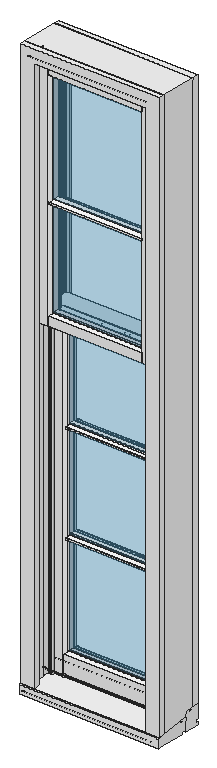
Revit family "S1-23H", category Generic Models, Revit 2012 (continued)
Automatic sketch dimensions
  plane 4 to Extrusion 27 sketch curve = 15 mm
  Extrusion 28 sketch curve to plane 4 = 0 mm
  Extrusion 28 sketch curve to level = 0 mm
  plane 4 to Extrusion 28 sketch curve = 15 mm
  Extrusion 28 sketch curve to plane 1 "Center (Front/Back)" = 33 mm
  Extrusion 28 sketch curve to Extrusion 28 sketch curve = 0 mm
  Extrusion 28 sketch curve to Extrusion 28 sketch curve = 5 mm
  Extrusion 28 sketch curve to Extrusion 28 sketch curve = 13.619 mm
  Extrusion 28 sketch curve to Extrusion 28 sketch curve = 3.494 mm
  Extrusion 28 sketch curve to Extrusion 28 sketch curve = 0.701 mm
  Extrusion 28 sketch curve to Extrusion 28 sketch curve = 1.501 mm
  Extrusion 28 sketch curve to Extrusion 28 sketch curve = 1.734 mm
  Extrusion 28 sketch curve to Extrusion 28 sketch curve = 0.661 mm
  Extrusion 28 sketch curve to Extrusion 28 sketch curve = 0.854 mm
  Extrusion 28 sketch curve to plane 9 = 0 mm
  Extrusion 28 sketch curve to plane 22 = 4.75 mm
  Extrusion 28 sketch curve to plane 22 = 14.75 mm
  Extrusion 28 sketch curve to Extrusion 28 sketch curve = 10 mm  (x2)
  level to Extrusion 28 sketch curve = 10 mm
  Extrusion 28 sketch curve to Extrusion 28 sketch curve = 4.913 mm
  Extrusion 28 sketch curve to Extrusion 28 sketch curve = 3 mm
  Extrusion 28 sketch curve to Extrusion 28 sketch curve = 13.01 mm
  Extrusion 28 sketch curve to Extrusion 28 sketch curve = 0.941 mm
  Extrusion 28 sketch curve to Extrusion 28 sketch curve = 4.893 mm
  Extrusion 28 sketch curve to Extrusion 28 sketch curve = 3.308 mm
  Extrusion 28 sketch curve to Extrusion 28 sketch curve = 0.218 mm
  Extrusion 28 sketch curve to Extrusion 28 sketch curve = 0.667 mm
  Extrusion 28 sketch curve to Extrusion 28 sketch curve = 5.279 mm
  Extrusion 29 sketch curve to plane 17 = 0 mm  (x3)
  Extrusion 29 sketch curve to plane 17 = 3 mm  (x2)
  plane 10 to Extrusion 29 sketch curve = 1 mm
  Extrusion 29 sketch curve to Extrusion 29 sketch curve = 3 mm  (x2)
  Extrusion 29 sketch curve to Extrusion 29 sketch curve = 9 mm  (x2)
  plane 1 "Center (Front/Back)" to Extrusion 29 sketch curve = 6 mm
  Extrusion 29 sketch curve to Extrusion 29 sketch curve = 34 mm
  Extrusion 29 sketch curve to Extrusion 29 sketch curve = 6 mm
  Extrusion 29 sketch curve to Extrusion 29 sketch curve = 10 mm  (x2)
  Extrusion 29 sketch curve to Extrusion 29 sketch curve = 5 mm
  plane 10 to Extrusion 29 sketch curve = 13 mm
  Extrusion 29 sketch curve to Extrusion 29 sketch curve = 2 mm
  Extrusion 31 sketch curve to plane 17 = 0 mm  (x3)
  Extrusion 31 sketch curve to plane 17 = 3 mm  (x2)
  Extrusion 31 sketch curve to Extrusion 31 sketch curve = 3 mm  (x2)
  Extrusion 31 sketch curve to plane 17 = 9 mm
  Extrusion 31 sketch curve to Extrusion 31 sketch curve = 31 mm
  Extrusion 31 sketch curve to plane 1 "Center (Front/Back)" = 5 mm
  Extrusion 31 sketch curve to Extrusion 31 sketch curve = 6 mm
  Extrusion 31 sketch curve to Extrusion 31 sketch curve = 10 mm  (x3)
  Extrusion 31 sketch curve to Extrusion 31 sketch curve = 5 mm
  Extrusion 31 sketch curve to Extrusion 31 sketch curve = 12 mm
  Extrusion 31 sketch curve to Extrusion 31 sketch curve = 9 mm
  Extrusion 31 sketch curve to plane 9 = 5 mm
  plane 4 to Sweep 33 sketch curve = 0.101 mm  (x2)
  profile plane to Sweep 33 sketch curve = 0 mm
  profile plane to Sweep 33 sketch curve = 15 mm  (x2)
  Sweep 33 sketch curve to Sweep 33 sketch curve = 8 mm  (x2)
  Sweep 33 sketch curve to profile plane = 4 mm
  profile plane to Sweep 33 sketch curve = 25 mm
  Sweep 33 sketch curve to Sweep 33 sketch curve = 4.264 mm
  Sweep 33 sketch curve to Sweep 33 sketch curve = 0.669 mm  (x3)
  Sweep 33 sketch curve to Sweep 33 sketch curve = 9 mm  (x2)
  Sweep 33 sketch curve to Sweep 33 sketch curve = 1.399 mm  (x2)
  Sweep 33 sketch curve to profile plane = 67 mm
  Sweep 33 sketch curve to Sweep 33 sketch curve = 0 mm  (x2)
  Sweep 33 sketch curve to Sweep 33 sketch curve = 5 mm  (x2)
  profile plane to Sweep 33 sketch curve = 4 mm
  Sweep 33 sketch curve to Sweep 33 sketch curve = 14.438 mm
  Sweep 33 sketch curve to Sweep 33 sketch curve = 2.674 mm
  Sweep 33 sketch curve to Sweep 33 sketch curve = 44.489 mm
  plane 1 "Center (Front/Back)" to Sweep 34 sketch curve = 0 mm
  plane 6 to Sweep 34 sketch curve = 30 mm
  plane 8 to Sweep 34 sketch curve = 89 mm
  profile plane to Sweep 34 sketch curve = 30.213 mm
  profile plane to Sweep 34 sketch curve = 103.128 mm
  Sweep 34 sketch curve to Sweep 34 sketch curve = 12.041 mm
  profile plane to Sweep 34 sketch curve = 33.191 mm
  Sweep 34 sketch curve to Sweep 34 sketch curve = 2.634 mm
  Sweep 34 sketch curve to profile plane = 6.58 mm
  Sweep 34 sketch curve to Sweep 34 sketch curve = 3.255 mm
  Sweep 34 sketch curve to Sweep 34 sketch curve = 2.011 mm
  Sweep 34 sketch curve to Sweep 34 sketch curve = 0.525 mm
  Sweep 34 sketch curve to Sweep 34 sketch curve = 0.661 mm
  Sweep 34 sketch curve to Sweep 34 sketch curve = 19.881 mm
  Sweep 34 sketch curve to Sweep 34 sketch curve = 13.619 mm
  Sweep 34 sketch curve to Sweep 34 sketch curve = 3.494 mm
  Sweep 34 sketch curve to Sweep 34 sketch curve = 0.701 mm
  Sweep 34 sketch curve to Sweep 34 sketch curve = 1.501 mm
  Sweep 34 sketch curve to Sweep 34 sketch curve = 1.982 mm
  Sweep 34 sketch curve to Sweep 34 sketch curve = 0.499 mm
  Sweep 34 sketch curve to Sweep 34 sketch curve = 0.854 mm
  Sweep 34 sketch curve to Sweep 34 sketch curve = 12.85 mm
  Sweep 34 sketch curve to profile plane = 6.095 mm
  Sweep 34 sketch curve to Sweep 34 sketch curve = 34.959 mm
  profile plane to Sweep 34 sketch curve = 40.891 mm
  Sweep 34 sketch curve to Sweep 34 sketch curve = 1.023 mm
  Sweep 34 sketch curve to Sweep 34 sketch curve = 2.945 mm
  Sweep 34 sketch curve to Sweep 34 sketch curve = 0.468 mm
  Sweep 34 sketch curve to Sweep 34 sketch curve = 5.238 mm
  Sweep 34 sketch curve to Sweep 34 sketch curve = 4.913 mm
  Sweep 34 sketch curve to Sweep 34 sketch curve = 3 mm
  Sweep 34 sketch curve to Sweep 34 sketch curve = 1.91 mm
  Sweep 34 sketch curve to Sweep 34 sketch curve = 1.036 mm
  Sweep 34 sketch curve to Sweep 34 sketch curve = 4.893 mm
  Sweep 34 sketch curve to Sweep 34 sketch curve = 3.401 mm
  Sweep 34 sketch curve to Sweep 34 sketch curve = 0.218 mm
  Sweep 34 sketch curve to Sweep 34 sketch curve = 0.667 mm
  Sweep 34 sketch curve to Sweep 34 sketch curve = 5.371 mm
  Extrusion 35 sketch curve to plane 29 = 2 mm
  Extrusion 35 sketch curve to plane 32 = 10 mm  (x2)
  Extrusion 35 sketch curve to Extrusion 35 sketch curve = 2 mm  (x4)
  Extrusion 35 sketch curve to plane 32 = 2.5 mm  (x2)
  plane 32 to Extrusion 35 sketch curve = 2.5 mm  (x2)
  plane 32 to Extrusion 35 sketch curve = 8 mm
  plane 32 to Extrusion 35 sketch curve = 10 mm
  Extrusion 35 sketch curve to Extrusion 35 sketch curve = 2.8 mm  (x2)
  Extrusion 35 sketch curve to plane 1 "Center (Front/Back)" = 8.038 mm
  Extrusion 35 sketch curve to Extrusion 35 sketch curve = 0 mm
  plane 29 to Extrusion 35 sketch curve = 6 mm
  Extrusion 35 sketch curve to Extrusion 35 sketch curve = 2.5 mm  (x2)
  Extrusion 35 sketch curve to plane 9 = 4.008 mm  (x2)
  Extrusion 37 sketch curve to plane 34 = 0 mm  (x2)
  Extrusion 37 sketch curve to Extrusion 37 sketch curve = 2 mm  (x3)
  Extrusion 37 sketch curve to plane 10 = 0.831 mm
  plane 34 to Extrusion 37 sketch curve = 7.449 mm
  plane 34 to Extrusion 37 sketch curve = 7.5 mm
  plane 10 to Extrusion 37 sketch curve = 1.169 mm  (x2)
  Extrusion 37 sketch curve to Extrusion 37 sketch curve = 5 mm  (x2)
  Extrusion 37 sketch curve to Extrusion 37 sketch curve = 5.5 mm
  Extrusion 37 sketch curve to Extrusion 37 sketch curve = 7.551 mm
  plane 10 to Extrusion 37 sketch curve = 9.323 mm
  plane 10 to Extrusion 37 sketch curve = 12.123 mm
  plane 1 "Center (Front/Back)" to Extrusion 37 sketch curve = 26.492 mm
  Extrusion 37 sketch curve to Extrusion 37 sketch curve = 6 mm  (x2)
  Extrusion 37 sketch curve to Extrusion 37 sketch curve = 2.5 mm  (x2)
  Extrusion 37 sketch curve to Extrusion 37 sketch curve = 7.5 mm
  Extrusion 37 sketch curve to Extrusion 37 sketch curve = 0 mm
  Extrusion 39 sketch curve to plane 36 = 2 mm
  Extrusion 39 sketch curve to plane 39 = 10 mm  (x2)
  Extrusion 39 sketch curve to Extrusion 39 sketch curve = 2 mm  (x4)
  Extrusion 39 sketch curve to plane 39 = 2.5 mm  (x2)
  plane 39 to Extrusion 39 sketch curve = 2.5 mm  (x2)
  plane 39 to Extrusion 39 sketch curve = 8 mm
  plane 39 to Extrusion 39 sketch curve = 10 mm
  Extrusion 39 sketch curve to Extrusion 39 sketch curve = 2.8 mm  (x2)
  Extrusion 39 sketch curve to plane 1 "Center (Front/Back)" = 8.038 mm
  Extrusion 39 sketch curve to Extrusion 39 sketch curve = 0 mm
  plane 36 to Extrusion 39 sketch curve = 6 mm
  Extrusion 39 sketch curve to Extrusion 39 sketch curve = 2.5 mm  (x2)
  Extrusion 39 sketch curve to plane 9 = 4.008 mm  (x2)
  Extrusion 41 sketch curve to plane 33 = 0.5 mm  (x3)
  Extrusion 41 sketch curve to plane 33 = 3.5 mm  (x2)
  plane 10 to Extrusion 41 sketch curve = 1 mm
  Extrusion 41 sketch curve to Extrusion 41 sketch curve = 3 mm  (x2)
  Extrusion 41 sketch curve to Extrusion 41 sketch curve = 9 mm
  plane 1 "Center (Front/Back)" to Extrusion 41 sketch curve = 6 mm
  Extrusion 41 sketch curve to Extrusion 41 sketch curve = 34 mm
  Extrusion 41 sketch curve to Extrusion 41 sketch curve = 6 mm
  Extrusion 41 sketch curve to Extrusion 41 sketch curve = 10 mm  (x2)
  plane 10 to Extrusion 41 sketch curve = 11 mm
  plane 10 to Extrusion 41 sketch curve = 13 mm
  Extrusion 41 sketch curve to Extrusion 41 sketch curve = 17 mm
  Extrusion 41 sketch curve to Extrusion 41 sketch curve = 8 mm
  Extrusion 42 sketch curve to plane 10 = 0 mm  (x2)
  Extrusion 42 sketch curve to plane 10 = 0.972 mm  (x2)
  Extrusion 42 sketch curve to Extrusion 42 sketch curve = 1.528 mm
  Extrusion 42 sketch curve to Extrusion 42 sketch curve = 0.5 mm  (x2)
  Extrusion 42 sketch curve to Extrusion 42 sketch curve = 0.574 mm  (x2)
  Extrusion 42 sketch curve to Extrusion 42 sketch curve = 0.813 mm
  Extrusion 42 sketch curve to Extrusion 42 sketch curve = 0 mm  (x5)
  Extrusion 42 sketch curve to Extrusion 42 sketch curve = 0.85 mm
  Extrusion 42 sketch curve to Extrusion 42 sketch curve = 0.61 mm
  Extrusion 42 sketch curve to Extrusion 42 sketch curve = 0.895 mm  (x4)
  Extrusion 42 sketch curve to Extrusion 42 sketch curve = 1.681 mm
  Extrusion 42 sketch curve to plane 33 = 9 mm
  Extrusion 42 sketch curve to Extrusion 42 sketch curve = 1 mm  (x2)
  Extrusion 42 sketch curve to Extrusion 42 sketch curve = 1.25 mm  (x3)
  Extrusion 42 sketch curve to Extrusion 42 sketch curve = 0.028 mm
  Extrusion 42 sketch curve to Extrusion 42 sketch curve = 0.867 mm  (x2)
  Extrusion 42 sketch curve to Extrusion 42 sketch curve = 0.355 mm
  Extrusion 42 sketch curve to Extrusion 42 sketch curve = 0.71 mm  (x2)
  Extrusion 42 sketch curve to Extrusion 42 sketch curve = 2.5 mm
  Extrusion 43 sketch curve to plane 10 = 2.5 mm
  Extrusion 43 sketch curve to plane 10 = 0.972 mm  (x2)
  plane 10 to Extrusion 43 sketch curve = 0.273 mm  (x2)
  Extrusion 43 sketch curve to Extrusion 43 sketch curve = 4.772 mm
  Extrusion 43 sketch curve to Extrusion 43 sketch curve = 0 mm  (x2)
  Extrusion 43 sketch curve to Extrusion 43 sketch curve = 0.921 mm  (x3)
  Extrusion 43 sketch curve to plane 33 = 8 mm
  Extrusion 43 sketch curve to Extrusion 43 sketch curve = 1.255 mm
  Extrusion 43 sketch curve to Extrusion 43 sketch curve = 0.719 mm  (x2)
  Extrusion 43 sketch curve to Extrusion 43 sketch curve = 1.052 mm
  Extrusion 43 sketch curve to Extrusion 43 sketch curve = 3.157 mm
  Extrusion 43 sketch curve to Extrusion 43 sketch curve = 1.974 mm
  Extrusion 44 sketch curve to plane 33 = 1.207 mm
  Extrusion 44 sketch curve to plane 9 = 5.318 mm
  Extrusion 44 sketch curve to Extrusion 44 sketch curve = 0.921 mm  (x3)
  Extrusion 44 sketch curve to plane 33 = 2.128 mm
  plane 9 to Extrusion 44 sketch curve = 0.375 mm  (x2)
  plane 9 to Extrusion 44 sketch curve = 1.526 mm  (x2)
  Extrusion 44 sketch curve to Extrusion 44 sketch curve = 1.5 mm
  Extrusion 44 sketch curve to plane 33 = 2.462 mm
  Extrusion 44 sketch curve to Extrusion 44 sketch curve = 0.665 mm  (x2)
  Extrusion 44 sketch curve to Extrusion 44 sketch curve = 0.711 mm
  Extrusion 44 sketch curve to Extrusion 44 sketch curve = 2.708 mm
  Extrusion 44 sketch curve to Extrusion 44 sketch curve = 1.48 mm
  Extrusion 44 sketch curve to plane 33 = 0.982 mm
  plane 1 "Center (Front/Back)" to Extrusion 45 sketch curve = 9.479 mm
  Extrusion 45 sketch curve to Extrusion 45 sketch curve = 0.921 mm  (x4)
  plane 1 "Center (Front/Back)" to Extrusion 45 sketch curve = 3.786 mm
  Extrusion 45 sketch curve to Extrusion 45 sketch curve = 0 mm  (x2)
  Extrusion 45 sketch curve to Extrusion 45 sketch curve = 1.151 mm
  plane 1 "Center (Front/Back)" to Extrusion 45 sketch curve = 1.135 mm
  Extrusion 45 sketch curve to plane 33 = 11.193 mm
  Extrusion 45 sketch curve to Extrusion 45 sketch curve = 1.221 mm
  Extrusion 45 sketch curve to Extrusion 45 sketch curve = 2.476 mm
  Extrusion 45 sketch curve to Extrusion 45 sketch curve = 0.665 mm  (x2)
  Extrusion 45 sketch curve to Extrusion 45 sketch curve = 0.719 mm
  Extrusion 45 sketch curve to Extrusion 45 sketch curve = 2.716 mm
  Extrusion 45 sketch curve to Extrusion 45 sketch curve = 3.14 mm
  Extrusion 46 sketch curve to plane 9 = 5.318 mm
  Extrusion 46 sketch curve to Extrusion 46 sketch curve = 0.921 mm  (x4)
  plane 9 to Extrusion 46 sketch curve = 0.375 mm  (x2)
  plane 9 to Extrusion 46 sketch curve = 1.526 mm  (x2)
  Extrusion 46 sketch curve to Extrusion 46 sketch curve = 1.5 mm
  plane 4 to Extrusion 46 sketch curve = 39.982 mm
  Extrusion 46 sketch curve to Extrusion 46 sketch curve = 0.225 mm
  Extrusion 46 sketch curve to Extrusion 46 sketch curve = 1.48 mm  (x2)
  Extrusion 46 sketch curve to Extrusion 46 sketch curve = 0.665 mm  (x2)
  Extrusion 46 sketch curve to Extrusion 46 sketch curve = 0.711 mm
  Extrusion 46 sketch curve to Extrusion 46 sketch curve = 2.708 mm
  plane 33 to Extrusion 47 sketch curve = 0.292 mm
  plane 1 "Center (Front/Back)" to Extrusion 47 sketch curve = 21.049 mm
  Extrusion 47 sketch curve to Extrusion 47 sketch curve = 0.783 mm
  plane 33 to Extrusion 47 sketch curve = 0.001 mm
  Extrusion 47 sketch curve to Extrusion 47 sketch curve = 0.015 mm
  Extrusion 47 sketch curve to Extrusion 47 sketch curve = 5.086 mm
  Extrusion 47 sketch curve to Extrusion 47 sketch curve = 0.852 mm  (x2)
  Extrusion 47 sketch curve to Extrusion 47 sketch curve = 1.04 mm
  Extrusion 47 sketch curve to plane 33 = 2.871 mm
  Extrusion 47 sketch curve to Extrusion 47 sketch curve = 0.6 mm
  Extrusion 47 sketch curve to Extrusion 47 sketch curve = 0.954 mm  (x2)
  plane 33 to Extrusion 47 sketch curve = 0.546 mm
  Extrusion 48 sketch curve to Extrusion 48 sketch curve = 0 mm  (x10)
  Extrusion 48 sketch curve to plane 13 = 1.615 mm
  plane 1 "Center (Front/Back)" to Extrusion 48 sketch curve = 24.126 mm
  Extrusion 48 sketch curve to plane 13 = 1.822 mm
  Extrusion 48 sketch curve to Extrusion 48 sketch curve = 0.5 mm  (x4)
  plane 33 to Extrusion 48 sketch curve = 0 mm
  Extrusion 48 sketch curve to plane 13 = 0.705 mm
  Extrusion 48 sketch curve to Extrusion 48 sketch curve = 2.378 mm
  Extrusion 48 sketch curve to plane 13 = 1.058 mm
  Extrusion 48 sketch curve to Extrusion 48 sketch curve = 0.354 mm  (x3)
  Extrusion 48 sketch curve to Extrusion 48 sketch curve = 0.707 mm
  plane 13 to Extrusion 48 sketch curve = 2.736 mm
  Extrusion 48 sketch curve to Extrusion 48 sketch curve = 1.473 mm
  plane 13 to Extrusion 48 sketch curve = 2.382 mm
  Extrusion 48 sketch curve to Extrusion 48 sketch curve = 0.315 mm  (x2)
  Extrusion 48 sketch curve to Extrusion 48 sketch curve = 2.239 mm
  Extrusion 48 sketch curve to Extrusion 48 sketch curve = 0.32 mm
  Extrusion 48 sketch curve to Extrusion 48 sketch curve = 1.581 mm
  Extrusion 48 sketch curve to Extrusion 48 sketch curve = 0.136 mm
  Extrusion 48 sketch curve to Extrusion 48 sketch curve = 0.899 mm
  Extrusion 48 sketch curve to Extrusion 48 sketch curve = 1.177 mm
  plane 33 to Extrusion 48 sketch curve = 0.235 mm
  Extrusion 48 sketch curve to plane 33 = 0.981 mm
  Extrusion 48 sketch curve to Extrusion 48 sketch curve = 0.462 mm
  Extrusion 48 sketch curve to Extrusion 48 sketch curve = 0.388 mm
  Extrusion 48 sketch curve to Extrusion 48 sketch curve = 1.141 mm
  Extrusion 48 sketch curve to Extrusion 48 sketch curve = 0.886 mm
  Extrusion 48 sketch curve to Extrusion 48 sketch curve = 1.205 mm
  Extrusion 48 sketch curve to Extrusion 48 sketch curve = 0.984 mm
  Extrusion 49 sketch curve to plane 9 = 16.764 mm
  Extrusion 49 sketch curve to Extrusion 49 sketch curve = 0.838 mm
  Extrusion 49 sketch curve to Extrusion 49 sketch curve = 0.12 mm
  Extrusion 49 sketch curve to Extrusion 49 sketch curve = 4.013 mm
  Extrusion 49 sketch curve to Extrusion 49 sketch curve = 0.852 mm
  Extrusion 49 sketch curve to Extrusion 49 sketch curve = 0.391 mm
  Extrusion 49 sketch curve to Extrusion 49 sketch curve = 1.04 mm
  plane 4 to Extrusion 49 sketch curve = 34.371 mm
  Extrusion 49 sketch curve to Extrusion 49 sketch curve = 0.368 mm
  Extrusion 49 sketch curve to Extrusion 49 sketch curve = 0.593 mm
  Extrusion 49 sketch curve to Extrusion 49 sketch curve = 0.96 mm
  Extrusion 49 sketch curve to Extrusion 49 sketch curve = 0.868 mm
  Extrusion 49 sketch curve to Extrusion 49 sketch curve = 4.578 mm
  Extrusion 49 sketch curve to Extrusion 49 sketch curve = 0.826 mm
  Extrusion 49 sketch curve to Extrusion 49 sketch curve = 0.954 mm
  Extrusion 49 sketch curve to Extrusion 49 sketch curve = 0.729 mm
  Extrusion 50 sketch curve to Extrusion 50 sketch curve = 0 mm  (x6)
  Extrusion 50 sketch curve to plane 9 = 20.127 mm
  Extrusion 50 sketch curve to Extrusion 50 sketch curve = 0.504 mm
  Extrusion 50 sketch curve to Extrusion 50 sketch curve = 0.692 mm
  Extrusion 50 sketch curve to Extrusion 50 sketch curve = 0.009 mm
  Extrusion 50 sketch curve to Extrusion 50 sketch curve = 2.715 mm
  Extrusion 50 sketch curve to Extrusion 50 sketch curve = 0.308 mm  (x2)
  Extrusion 50 sketch curve to Extrusion 50 sketch curve = 0.273 mm
  Extrusion 50 sketch curve to Extrusion 50 sketch curve = 0.062 mm  (x2)
  Extrusion 50 sketch curve to Extrusion 50 sketch curve = 0.085 mm
  Extrusion 50 sketch curve to Extrusion 50 sketch curve = 2.389 mm
  Extrusion 50 sketch curve to Extrusion 50 sketch curve = 4.624 mm
  Extrusion 50 sketch curve to Extrusion 50 sketch curve = 0.414 mm
  Extrusion 50 sketch curve to Extrusion 50 sketch curve = 0.507 mm
  Extrusion 50 sketch curve to Extrusion 50 sketch curve = 0.347 mm
  Extrusion 50 sketch curve to Extrusion 50 sketch curve = 4.117 mm
  Extrusion 50 sketch curve to Extrusion 50 sketch curve = 0.122 mm
  Extrusion 50 sketch curve to Extrusion 50 sketch curve = 3.078 mm
  Extrusion 50 sketch curve to Extrusion 50 sketch curve = 0.981 mm
  Extrusion 50 sketch curve to Extrusion 50 sketch curve = 0.5 mm
  plane 4 to Extrusion 50 sketch curve = 28.075 mm
  Extrusion 50 sketch curve to Extrusion 50 sketch curve = 0.394 mm  (x2)
  Extrusion 50 sketch curve to Extrusion 50 sketch curve = 0.501 mm
  Extrusion 50 sketch curve to Extrusion 50 sketch curve = 3.233 mm
  Extrusion 50 sketch curve to Extrusion 50 sketch curve = 0.097 mm
  Extrusion 50 sketch curve to Extrusion 50 sketch curve = 0.246 mm
  Extrusion 50 sketch curve to Extrusion 50 sketch curve = 0.537 mm
  Extrusion 50 sketch curve to Extrusion 50 sketch curve = 0.53 mm
  Extrusion 50 sketch curve to Extrusion 50 sketch curve = 2.566 mm
  Extrusion 50 sketch curve to Extrusion 50 sketch curve = 0.002 mm
  Extrusion 50 sketch curve to Extrusion 50 sketch curve = 1.017 mm
  Extrusion 50 sketch curve to Extrusion 50 sketch curve = 0.43 mm
  Extrusion 50 sketch curve to Extrusion 50 sketch curve = 3.279 mm
  Extrusion 50 sketch curve to Extrusion 50 sketch curve = 0.955 mm
  Extrusion 50 sketch curve to Extrusion 50 sketch curve = 1.205 mm
  Extrusion 51 sketch curve to plane 1 "Center (Front/Back)" = 9.404 mm
  Extrusion 51 sketch curve to Extrusion 51 sketch curve = 0.838 mm
  Extrusion 51 sketch curve to Extrusion 51 sketch curve = 0.12 mm
  Extrusion 51 sketch curve to Extrusion 51 sketch curve = 4.013 mm
  Extrusion 51 sketch curve to Extrusion 51 sketch curve = 0.852 mm
  Extrusion 51 sketch curve to Extrusion 51 sketch curve = 0.391 mm
  Extrusion 51 sketch curve to Extrusion 51 sketch curve = 1.04 mm
  plane 4 to Extrusion 51 sketch curve = 14.315 mm
  Extrusion 51 sketch curve to Extrusion 51 sketch curve = 0.368 mm
  Extrusion 51 sketch curve to Extrusion 51 sketch curve = 0.593 mm
  Extrusion 51 sketch curve to Extrusion 51 sketch curve = 0.96 mm
  Extrusion 51 sketch curve to Extrusion 51 sketch curve = 0.868 mm
  Extrusion 51 sketch curve to Extrusion 51 sketch curve = 4.578 mm
  Extrusion 51 sketch curve to Extrusion 51 sketch curve = 0.826 mm
  Extrusion 51 sketch curve to Extrusion 51 sketch curve = 0.954 mm
  Extrusion 51 sketch curve to Extrusion 51 sketch curve = 0.729 mm
  Extrusion 52 sketch curve to Extrusion 52 sketch curve = 0 mm  (x6)
  Extrusion 52 sketch curve to plane 1 "Center (Front/Back)" = 6.042 mm
  Extrusion 52 sketch curve to Extrusion 52 sketch curve = 0.504 mm
  Extrusion 52 sketch curve to Extrusion 52 sketch curve = 0.692 mm
  Extrusion 52 sketch curve to Extrusion 52 sketch curve = 0.009 mm
  Extrusion 52 sketch curve to Extrusion 52 sketch curve = 2.715 mm
  Extrusion 52 sketch curve to Extrusion 52 sketch curve = 0.308 mm  (x2)
  Extrusion 52 sketch curve to Extrusion 52 sketch curve = 0.273 mm
  Extrusion 52 sketch curve to Extrusion 52 sketch curve = 0.062 mm  (x2)
  Extrusion 52 sketch curve to Extrusion 52 sketch curve = 0.085 mm
  Extrusion 52 sketch curve to Extrusion 52 sketch curve = 2.389 mm
  Extrusion 52 sketch curve to Extrusion 52 sketch curve = 4.624 mm
  Extrusion 52 sketch curve to Extrusion 52 sketch curve = 0.414 mm
  plane 4 to Extrusion 52 sketch curve = 9.32 mm
  Extrusion 52 sketch curve to Extrusion 52 sketch curve = 0.507 mm
  Extrusion 52 sketch curve to Extrusion 52 sketch curve = 0.347 mm
  Extrusion 52 sketch curve to Extrusion 52 sketch curve = 4.117 mm
  Extrusion 52 sketch curve to Extrusion 52 sketch curve = 0.122 mm
  Extrusion 52 sketch curve to Extrusion 52 sketch curve = 3.078 mm
  Extrusion 52 sketch curve to Extrusion 52 sketch curve = 0.981 mm
  Extrusion 52 sketch curve to Extrusion 52 sketch curve = 0.5 mm
  Extrusion 52 sketch curve to Extrusion 52 sketch curve = 0.407 mm
  Extrusion 52 sketch curve to Extrusion 52 sketch curve = 0.394 mm  (x2)
  Extrusion 52 sketch curve to Extrusion 52 sketch curve = 3.233 mm
  Extrusion 52 sketch curve to Extrusion 52 sketch curve = 0.097 mm
  Extrusion 52 sketch curve to Extrusion 52 sketch curve = 0.246 mm
  Extrusion 52 sketch curve to Extrusion 52 sketch curve = 0.537 mm
  Extrusion 52 sketch curve to Extrusion 52 sketch curve = 0.53 mm
  Extrusion 52 sketch curve to Extrusion 52 sketch curve = 2.566 mm
  Extrusion 52 sketch curve to Extrusion 52 sketch curve = 0.002 mm
  Extrusion 52 sketch curve to Extrusion 52 sketch curve = 1.017 mm
  Extrusion 52 sketch curve to Extrusion 52 sketch curve = 0.43 mm
  Extrusion 52 sketch curve to Extrusion 52 sketch curve = 3.279 mm
  Extrusion 52 sketch curve to Extrusion 52 sketch curve = 0.955 mm
  Extrusion 52 sketch curve to Extrusion 52 sketch curve = 1.205 mm
  Extrusion 53 sketch curve to plane 28 = 3.811 mm
  Extrusion 53 sketch curve to Extrusion 53 sketch curve = 0.838 mm
  Extrusion 53 sketch curve to Extrusion 53 sketch curve = 0.12 mm
  Extrusion 53 sketch curve to Extrusion 53 sketch curve = 4.013 mm
  Extrusion 53 sketch curve to Extrusion 53 sketch curve = 0.852 mm
  Extrusion 53 sketch curve to Extrusion 53 sketch curve = 0.391 mm
  Extrusion 53 sketch curve to Extrusion 53 sketch curve = 1.04 mm
  Extrusion 53 sketch curve to plane 1 "Center (Front/Back)" = 3.522 mm
  Extrusion 53 sketch curve to Extrusion 53 sketch curve = 0.368 mm
  Extrusion 53 sketch curve to plane 1 "Center (Front/Back)" = 4.115 mm
  Extrusion 53 sketch curve to Extrusion 53 sketch curve = 0.96 mm
  Extrusion 53 sketch curve to Extrusion 53 sketch curve = 0.868 mm
  Extrusion 53 sketch curve to Extrusion 53 sketch curve = 4.578 mm
  Extrusion 53 sketch curve to Extrusion 53 sketch curve = 0.826 mm
  Extrusion 53 sketch curve to Extrusion 53 sketch curve = 0.954 mm
  Extrusion 53 sketch curve to Extrusion 53 sketch curve = 0.729 mm
  Extrusion 54 sketch curve to Extrusion 54 sketch curve = 0 mm  (x6)
  Extrusion 54 sketch curve to plane 28 = 0.448 mm
  Extrusion 54 sketch curve to Extrusion 54 sketch curve = 0.504 mm
  Extrusion 54 sketch curve to Extrusion 54 sketch curve = 0.692 mm
  Extrusion 54 sketch curve to Extrusion 54 sketch curve = 0.009 mm
  Extrusion 54 sketch curve to plane 1 "Center (Front/Back)" = 1.354 mm
  Extrusion 54 sketch curve to Extrusion 54 sketch curve = 2.715 mm
  Extrusion 54 sketch curve to plane 1 "Center (Front/Back)" = 1.748 mm
  Extrusion 54 sketch curve to Extrusion 54 sketch curve = 0.308 mm  (x2)
  Extrusion 54 sketch curve to Extrusion 54 sketch curve = 0.273 mm
  Extrusion 54 sketch curve to Extrusion 54 sketch curve = 0.062 mm  (x2)
  Extrusion 54 sketch curve to Extrusion 54 sketch curve = 0.085 mm
  plane 1 "Center (Front/Back)" to Extrusion 54 sketch curve = 2.774 mm
  Extrusion 54 sketch curve to Extrusion 54 sketch curve = 2.389 mm
  Extrusion 54 sketch curve to plane 28 = 6.268 mm
  Extrusion 54 sketch curve to Extrusion 54 sketch curve = 0.414 mm
  plane 1 "Center (Front/Back)" to Extrusion 54 sketch curve = 1.473 mm
  Extrusion 54 sketch curve to Extrusion 54 sketch curve = 0.507 mm
  Extrusion 54 sketch curve to Extrusion 54 sketch curve = 0.347 mm
  Extrusion 54 sketch curve to Extrusion 54 sketch curve = 4.117 mm
  Extrusion 54 sketch curve to Extrusion 54 sketch curve = 0.122 mm
  Extrusion 54 sketch curve to Extrusion 54 sketch curve = 3.078 mm
  Extrusion 54 sketch curve to Extrusion 54 sketch curve = 0.981 mm
  Extrusion 54 sketch curve to Extrusion 54 sketch curve = 0.5 mm
  Extrusion 54 sketch curve to Extrusion 54 sketch curve = 0.394 mm
  Extrusion 54 sketch curve to plane 1 "Center (Front/Back)" = 1.451 mm
  Extrusion 54 sketch curve to Extrusion 54 sketch curve = 0.246 mm
  Extrusion 54 sketch curve to Extrusion 54 sketch curve = 0.537 mm
  Extrusion 54 sketch curve to plane 1 "Center (Front/Back)" = 3.491 mm
  Extrusion 54 sketch curve to Extrusion 54 sketch curve = 2.566 mm
  Extrusion 54 sketch curve to Extrusion 54 sketch curve = 0.002 mm
  Extrusion 54 sketch curve to Extrusion 54 sketch curve = 1.017 mm
  Extrusion 54 sketch curve to Extrusion 54 sketch curve = 0.43 mm
  Extrusion 54 sketch curve to Extrusion 54 sketch curve = 3.279 mm
  Extrusion 54 sketch curve to Extrusion 54 sketch curve = 0.955 mm
  Extrusion 54 sketch curve to Extrusion 54 sketch curve = 1.205 mm
  Extrusion 55 sketch curve to plane 28 = 6.918 mm
  Extrusion 55 sketch curve to Extrusion 55 sketch curve = 0.702 mm
  Extrusion 55 sketch curve to Extrusion 55 sketch curve = 0.075 mm
  Extrusion 55 sketch curve to plane 28 = 1.26 mm
  Extrusion 55 sketch curve to plane 28 = 0.654 mm
  Extrusion 55 sketch curve to plane 28 = 0.018 mm
  plane 28 to Extrusion 55 sketch curve = 1.022 mm
  plane 1 "Center (Front/Back)" to Extrusion 55 sketch curve = 3.59 mm
  Extrusion 55 sketch curve to Extrusion 55 sketch curve = 0.208 mm
  Extrusion 55 sketch curve to Extrusion 55 sketch curve = 0.602 mm
  plane 1 "Center (Front/Back)" to Extrusion 55 sketch curve = 4.276 mm
  Extrusion 55 sketch curve to Extrusion 55 sketch curve = 0.535 mm
  Extrusion 55 sketch curve to Extrusion 55 sketch curve = 4.439 mm
  Extrusion 55 sketch curve to Extrusion 55 sketch curve = 0.954 mm
  Extrusion 55 sketch curve to Extrusion 55 sketch curve = 0.013 mm
  Extrusion 55 sketch curve to Extrusion 55 sketch curve = 0.587 mm
  Extrusion 56 sketch curve to Extrusion 56 sketch curve = 0 mm  (x2)
  Extrusion 56 sketch curve to plane 28 = 10.602 mm
  plane 1 "Center (Front/Back)" to Extrusion 56 sketch curve = 0.98 mm
  Extrusion 56 sketch curve to Extrusion 56 sketch curve = 0.5 mm
  plane 1 "Center (Front/Back)" to Extrusion 56 sketch curve = 0.744 mm
  Extrusion 56 sketch curve to Extrusion 56 sketch curve = 2.115 mm
  Extrusion 56 sketch curve to Extrusion 56 sketch curve = 0.355 mm
  Extrusion 56 sketch curve to Extrusion 56 sketch curve = 0.066 mm
  plane 1 "Center (Front/Back)" to Extrusion 56 sketch curve = 2.971 mm
  Extrusion 56 sketch curve to Extrusion 56 sketch curve = 0.426 mm
  Extrusion 56 sketch curve to Extrusion 56 sketch curve = 0.362 mm
  Extrusion 56 sketch curve to Extrusion 56 sketch curve = 0.002 mm
  Extrusion 56 sketch curve to Extrusion 56 sketch curve = 2.349 mm
  Extrusion 56 sketch curve to Extrusion 56 sketch curve = 0.288 mm
  Extrusion 56 sketch curve to Extrusion 56 sketch curve = 0.248 mm
  Extrusion 56 sketch curve to plane 1 "Center (Front/Back)" = 1.795 mm
  Extrusion 56 sketch curve to Extrusion 56 sketch curve = 0.374 mm
  Extrusion 56 sketch curve to plane 1 "Center (Front/Back)" = 1.449 mm
  Extrusion 56 sketch curve to Extrusion 56 sketch curve = 0.37 mm
  Extrusion 56 sketch curve to plane 28 = 3.654 mm
  Extrusion 56 sketch curve to plane 28 = 1.088 mm
  Extrusion 56 sketch curve to Extrusion 56 sketch curve = 0.163 mm
  Extrusion 56 sketch curve to Extrusion 56 sketch curve = 0.02 mm
  Extrusion 56 sketch curve to Extrusion 56 sketch curve = 0.042 mm
  Extrusion 56 sketch curve to Extrusion 56 sketch curve = 0.434 mm
  plane 28 to Extrusion 56 sketch curve = 0.392 mm
  Extrusion 56 sketch curve to Extrusion 56 sketch curve = 0.215 mm
  Extrusion 56 sketch curve to Extrusion 56 sketch curve = 0.26 mm
  Extrusion 56 sketch curve to Extrusion 56 sketch curve = 0.366 mm
  Extrusion 56 sketch curve to Extrusion 56 sketch curve = 0.041 mm
  plane 1 "Center (Front/Back)" to Extrusion 56 sketch curve = 3.751 mm
  Extrusion 56 sketch curve to Extrusion 56 sketch curve = 0.497 mm
  Extrusion 56 sketch curve to Extrusion 56 sketch curve = 0.336 mm
  Extrusion 56 sketch curve to Extrusion 56 sketch curve = 0.124 mm
  Extrusion 56 sketch curve to Extrusion 56 sketch curve = 4.03 mm
  Extrusion 56 sketch curve to Extrusion 56 sketch curve = 0.955 mm
  Extrusion 56 sketch curve to Extrusion 56 sketch curve = 1.238 mm
  radius of Extrusion 13 sketch curve = 5 mm
  radius of Extrusion 13 sketch curve = 8.5 mm
  radius of Extrusion 22 sketch curve = 5 mm
  radius of Extrusion 22 sketch curve = 8.5 mm
  radius of Extrusion 30 sketch curve = 5 mm
  radius of Extrusion 30 sketch curve = 8.5 mm
  radius of Extrusion 32 sketch curve = 5 mm
  radius of Extrusion 32 sketch curve = 8.5 mm
Types (3, lengths in mm): name | Width | Height | GlazingPanelMaterial | Floor Material
  Window Sill drawing | 511 | 2144 | Glass | White
  Access Manager | 1250 | 1250 | none | none
  window family | 511 | 2144 | Glass | 1.12A ANCHOR FIXING
